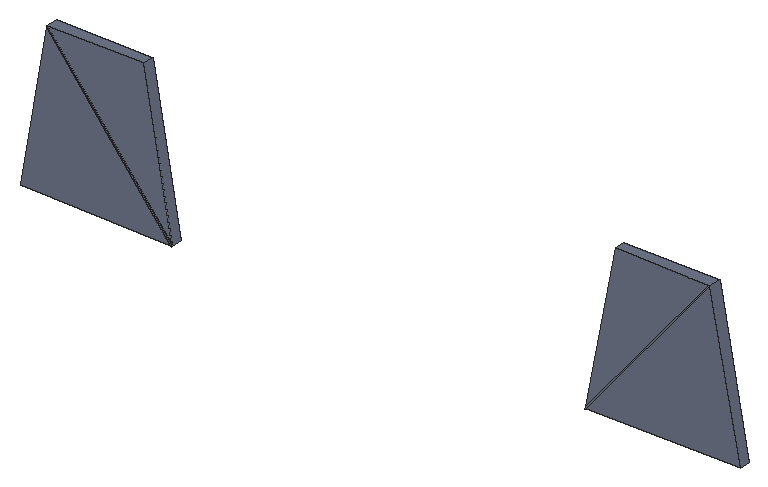
Revit family "Waveline 3D Medium (Left + Right)", category Generic Models, Revit 2019
Family settings
  Can host rebar = No
  Round Connector Dimension = Use Diameter
  Part Type = Normal
  Work Plane-Based = No
  Always vertical = Yes
  Cut with Voids When Loaded = No
  Shared = No
  Room Calculation Point = No
Parameters
  Xorel = Meteor 751
Reference planes (in)
  plane 1 "Center (Front/Back)": y = 0
  plane 2: z = 0
  plane 3 "Center (Left/Right)": x = 0
Forms (in)
  Extrusion 1, solid, material "Meteor 751" <- "Xorel"
    sketch origin (0, 0, 0) x (1, 0, 0) y (0, 0, 1)
      loop
        line (-46.07732, 16) -> (-56.07732, 16) -> (-59.07732, 0) -> (-43.07732, 0) -> (-46.07732, 16)
    from 0 to 1.25
  Extrusion 2, solid, material "Meteor 751" <- "Xorel"
    sketch origin (0, 0, 0) x (1, 0, 0) y (0, 0, 1)
      loop
        line (13, 16) -> (3, 16) -> (0, 0) -> (16, 0) -> (13, 16)
    from 0 to 1.25
  Extrusion 3, void
    sketch origin (-43.7708, -0.625, 9.8461) x (0, 1, 0) y (0.77508, 0, 0.631863)
      loop
        line (-0.625, 7.91323) -> (-0.625, -5.625) -> (-0.28654, 7.91323) -> (-0.625, 7.91323)
    from -13.48712 to 8.56279
  Extrusion 4, void
    sketch origin (-52.57295, -0.625, 2.69436) x (0, 1, 0) y (0.777146, 0, 0.62932)
      loop
        line (-0.625, -7.91323) -> (-0.28654, -7.91323) -> (-0.625, 5.625) -> (-0.625, -7.91323)
    from -13.48712 to 8.56279
  Extrusion 5, void
    sketch origin (9.55285, -0.625, 2.70225) x (0, 1, 0) y (0.777146, 0, -0.62932)
      loop
        line (-0.625, 7.33005) -> (-0.625, -5.625) -> (-0.30112, 7.33005) -> (-0.625, 7.33005)
    from -13.48712 to 8.56279
  Extrusion 6, void
    sketch origin (0.6895, -0.625, 9.90372) x (0, 1, 0) y (0.77508, 0, -0.631863)
      loop
        line (-0.625, -3.45773) -> (-0.39793, -3.45773) -> (-0.625, 5.625) -> (-0.625, -3.45773)
    from -13.48712 to 8.56279
Cuts and joins
  Extrusion 3, Extrusion 4 cuts Extrusion 1
  Extrusion 5, Extrusion 6 cuts Extrusion 2
Lines and regions (in)
  model lines
    curve 1: line (-56.07732, 0, 16) -> (-43.07732, 0, 0)
    curve 2: line (13, 0, 16) -> (0, 0, 0)
Dimensions and locks (in)
  aligned and locked: plane 2 to level
